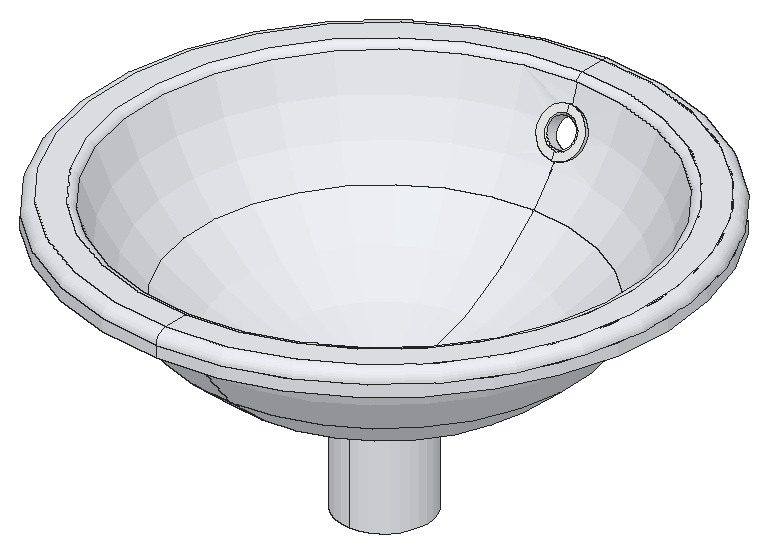
Revit family "Basin-UnderOver Counter-Caroma Cosmo", category Plumbing Fixtures, host Face, Revit 2014
Parameters (values of type "Cosmo Under/Over Counter")
  Width_ANZRS = 400 mm  # constant formula
  WasteOutlet_ANZRS = 0
  Waste Radius [instance] = 30 mm
  Waste Connection = yes
  Waste = Metal-Chrome-Caroma
  WFU = 2
  Vent Connection = no
  Undermount Offset [instance] = 0 mm
  URL = "http://www.caroma.com.au"
  Type Comments = "Overflow available only, Includes flush fitting white plug and waste"  # constant formula
  ModifiedIssue_ANZRS = 20140915.01  # constant formula
  Model = "895005W"  # constant formula
  Material_ANZRS = Porcelain-White-Caroma
  Manufacturer = "GWA Bathrooms & Kitchens"  # constant formula
  Length_ANZRS = 400 mm  # constant formula
  Keynote = "WB"
  HW Connection = no
  Description = "Caroma Cosmo Under/Over Counter Basin"  # constant formula
  Depth_ANZRS = 167 mm  # constant formula
  Default Elevation = 0 mm
  CreatedBy_ANZRS = "Design Content"  # constant formula
  CreatedByURL_ANZRS = "http://www.designcontent.com.au"
  Cost = 0
  CW Connection = no
  Assembly Code = "D2010310"
  Above Mount [instance] = yes
Reference planes
  plane 1 "Center (Front/Back)": y = 0
  plane 2: z = 0
  plane 3 "Center (Left/Right)": x = 0
  plane 4 "Back": y = 200
  plane 5 "Front": y = -200
  plane 6 "Left": x = -200
  plane 7 "Right": x = 200
  plane 8 "Waste": y = 0
  plane 9 "Waste Connector": z = -151
  plane 10 "Top": z = 16
  plane 11 "Offset Plane": z = 16
Forms (mm)
  Revolve 1, solid, material "Porcelain-White-Caroma" <- "Material_ANZRS"
    sketch origin (0, 16.97, -54.858) x (0, 1, 0) y (0, 0, 1)
      loop
        line (-43.971, -126.142) -> (-43.971, -60.84) -> (-47.456, -60.84) -> (-47.456, -126.142) -> (-43.971, -126.142)
      axis (-16.97, -126.142) -> (-16.97, -60.84)
    angle from 0 to 360
  Extrusion 2, void
    sketch origin (-27.001, -4572, -151) x (0, -1, 0) y (-1, 0, 0)
      loop
        circle (-4572, -27.001) r 30
    from 30 to 0
  Extrusion 3, void
    sketch origin (0, 0, 0) x (1, 0, 0) y (0, 1, 0)
      loop
        circle (0, 0) r 190
    from 16 to -151
  Extrusion 4, void
    sketch origin (0, 0, 0) x (1, 0, 0) y (0, 1, 0)
      loop
        circle (0, 0) r 190
    from 16 to -151
  Revolve 5, solid, material "Porcelain-White-Caroma" <- "Material_ANZRS"
    sketch origin (0, 0, 0) x (0, 1, 0) y (0, 0, 1)
      loop
        arc (174.684, 16) -> (171.113, 14.822) -> (168.945, 11.751) r 6
        arc (168.945, 11.751) -> (153.806, -22.428) -> (130.924, -51.987) r 154.993
        arc (130.924, -51.987) -> (87.516, -84.368) -> (36.467, -102.447) r 180.879
        arc (36.467, -102.447) -> (35.069, -102.94) -> (33.877, -103.821) r 5
        line (33.877, -103.821) -> (22, -115.698) -> (30.485, -115.698) -> (37.903, -108.281)
        arc (37.903, -108.281) -> (90.478, -89.588) -> (135.191, -56.206) r 186.879
        arc (135.191, -56.206) -> (156.178, -29.994) -> (171.271, 0) r 160.993
        line (171.271, 0) -> (200, 0) -> (200, 8)
        arc (200, 8) -> (197.657, 13.657) -> (192, 16) r 8
        line (192, 16) -> (174.684, 16)
      axis (0, 16) -> (0, -115.698)
    angle from 0 to 360
  Revolve 6, solid, material "Metal-Chrome-Caroma" <- "Waste", detail levels fine
    sketch origin (0, 0, 0) x (0, 1, 0) y (0, 0, 1)
      loop
        line (169.664, -8.703) -> (162.323, -4.634) -> (164.657, -0.423) -> (163.046, 0.471) -> (160.346, -4.4)
        arc (160.346, -4.4) -> (160.283, -4.949) -> (160.627, -5.381) r 0.721
        line (160.627, -5.381) -> (168.949, -9.994) -> (169.664, -8.703)
      axis (164.113, -18.717) -> (155.16, -13.755)
    angle from 0 to 360
  Revolve 7, void
    sketch origin (0, 0, 0) x (0, 1, 0) y (0, 0, 1)
      loop
        line (169.664, -8.703) -> (160.712, -3.74) -> (155.16, -13.755) -> (164.113, -18.717) -> (169.664, -8.703)
      axis (164.113, -18.717) -> (155.16, -13.755)
    angle from 0 to 360
  Revolve 8, solid, material "Metal-Chrome-Caroma" <- "Waste", detail levels fine
    sketch origin (0, 0, 0) x (0, 1, 0) y (0, 0, 1)
      loop
        line (0, -114.707) -> (14.272, -114.707) -> (22.823, -109.967) -> (22.823, -106.906) -> (29.599, -106.906)
        arc (29.599, -106.906) -> (29.914, -106.695) -> (29.84, -106.323) r 0.341
        line (29.84, -106.323) -> (28.84, -105.323) -> (22.93, -105.323) -> (21.823, -106.431) -> (21.823, -109.378) -> (18.72, -111.098)
        arc (18.72, -111.098) -> (18.744, -110.616) -> (18.534, -110.181) r 0.979
        line (18.534, -110.181) -> (17.166, -108.55)
        arc (17.166, -108.55) -> (8.604, -107.64) -> (0, -107.336) r 121.986
        line (0, -107.336) -> (0, -114.707)
      axis (0, -105.323) -> (0, -114.707)
    angle from 0 to 360
Cuts and joins
  Revolve 7 cuts Revolve 5
Lines and regions (mm)
  Masking region 1, visible <- "Above Mount"
    outline origin (0, 0, 0) x (0, 1, 0) y (0, 0, 1)
      loop
        line (-200, 0) -> (200, 0) -> (200, 8)
        arc (200, 8) -> (197.657, 13.657) -> (192, 16) r 8
        line (192, 16) -> (-192, 16)
        arc (-192, 16) -> (-197.657, 13.657) -> (-200, 8) r 8
        line (-200, 8) -> (-200, 0)
  Masking region 2, visible <- "Above Mount"
    outline origin (0, 0, 0) x (1, 0, 0) y (0, 0, 1)
      loop
        line (200, 0) -> (200, 8)
        arc (200, 8) -> (197.657, 13.657) -> (192, 16) r 8
        line (192, 16) -> (-192, 16)
        arc (-192, 16) -> (-197.657, 13.657) -> (-200, 8) r 8
        line (-200, 8) -> (-200, 0) -> (200, 0)
  Masking region 3
    outline origin (0, 0, 0) x (1, 0, 0) y (0, 1, 0)
      loop
        circle (0, 0) r 168.949
  symbolic lines, style "Basins/Sinks/Tubs"
    curve 1: circle (0, 0, 0) r 33.824 normal (0, 0, 1)
    curve 2: circle (0, 0, 0) r 23.001 normal (0, 0, 1)
    curve 5: circle (0, 0, 0) r 168.949 normal (0, 0, 1)
    curve 6: spline (-10, 155, 0) -> (-9.659, 153.706, 0) -> (-8.66, 152.5, 0) -> (-7.071, 151.464, 0) -> (-5, 150.67, 0) -> (-2.588, 150.17, 0) -> (0, 150, 0) -> (2.588, 150.17, 0) -> (5, 150.67, 0) -> (7.071, 151.464, 0) -> (8.66, 152.5, 0) -> (9.659, 153.706, 0) -> (10, 155, 0) -> (9.659, 156.294, 0) -> (8.66, 157.5, 0) -> (7.071, 158.536, 0) -> (5, 159.33, 0) -> (2.588, 159.83, 0) -> (0, 160, 0) -> (-2.588, 159.83, 0) -> (-5, 159.33, 0) -> (-7.071, 158.536, 0) -> (-8.66, 157.5, 0) -> (-9.659, 156.294, 0) -> (-10, 155, 0)
  symbolic lines, style "PlumbingFixturesHiddenLines"
    curve 3: arc (-171.271, 0, 0) -> (0, 0, -112.165) -> (171.271, 0, 0) r 186.844
    curve 4: arc (0, 171.271, 0) -> (0, 0, -112.165) -> (0, -171.271, 0) r 186.844
Dimensions and locks
  equal spacing: plane 6 "Left", plane 3 "Center (Left/Right)", plane 7 "Right"
  "Length_ANZRS": plane 6 "Left" to plane 7 "Right"
  equal spacing: plane 4 "Back", plane 1 "Center (Front/Back)", plane 5 "Front"
  "Width_ANZRS": plane 5 "Front" to plane 4 "Back"
  locked: plane 4 "Back" to plane 8 "Waste" at 200
  "Depth_ANZRS": plane 10 "Top" to plane 9 "Waste Connector"
  locked: plane 11 "Offset Plane" to level at 16
  "Undermount Offset": plane 11 "Offset Plane" to plane 10 "Top"
  Revolve 5 sketch curve to plane 10 "Top" to Revolve 5 sketch curve to Revolve 5 sketch curve to Revolve 5 sketch curve to Revolve 5 sketch curve to Revolve 5 sketch curve to Revolve 5 sketch curve to Revolve 5 sketch curve to Revolve 5 sketch curve to Revolve 5 sketch curve = 0 mm locked, 4.249 mm locked, 3.751 mm locked, 8 mm locked, 51.987 mm locked, 4.218 mm locked, 46.242 mm locked, 1.374 mm locked, 4.459 mm locked, 7.417 mm locked
  plane 10 "Top" to Revolve 6 sketch curve to Revolve 6 sketch curve to Revolve 6 sketch curve to Revolve 6 sketch curve to Revolve 6 sketch curve to Revolve 6 sketch curve to Revolve 6 sketch curve to Revolve 6 sketch curve to Revolve 6 sketch curve = 15.529 mm locked, 0.893 mm locked, 3.978 mm locked, 0.233 mm locked, 0.747 mm locked, 3.322 mm locked, 1.291 mm locked, 3.761 mm locked, 4.963 mm locked
  plane 10 "Top" to Revolve 7 sketch curve to Revolve 7 sketch curve to Revolve 7 sketch curve to Revolve 7 sketch curve to Revolve 7 sketch curve to Revolve 7 sketch curve = 19.74 mm locked, 4.963 mm locked, 3.39 mm locked, 1.662 mm locked, 4.963 mm locked, 0.826 mm locked
  Revolve 1 sketch curve to plane 9 "Waste Connector" to Revolve 1 sketch curve = 35.302 mm locked, 30 mm locked
  locked: plane 11 "Offset Plane" to Masking region 1 sketch curve at 16
  locked: plane 11 "Offset Plane" to Masking region 2 sketch curve at 16
  plane 10 "Top" to curve 4 to curve 4 to curve 4 = 16 mm locked, 0 mm locked, 112.165 mm locked
  plane 10 "Top" to curve 3 to curve 3 to curve 3 = 16 mm locked, 0 mm locked, 112.165 mm locked
  aligned and locked: plane 2 to host face
  aligned and locked: level to host face
  aligned and locked: Extrusion 3 to plane 9 "Waste Connector"
  aligned and locked: plane 11 "Offset Plane" to Extrusion 3
  aligned and locked: Extrusion 4 to plane 9 "Waste Connector"
  aligned and locked: plane 10 "Top" to Extrusion 4
  aligned and locked: Masking region 1 sketch curve to plane 11 "Offset Plane"
  aligned and locked: Masking region 2 sketch curve to plane 11 "Offset Plane"
Automatic sketch dimensions
  host sketch curve to host sketch curve = 2438.4 mm  (x2)
  plane 1 "Center (Front/Back)" to Extrusion 3 sketch curve = 0 mm
  Extrusion 3 sketch curve to plane 3 "Center (Left/Right)" = 0 mm
  plane 1 "Center (Front/Back)" to Extrusion 4 sketch curve = 0 mm
  Extrusion 4 sketch curve to plane 3 "Center (Left/Right)" = 0 mm
  plane 1 "Center (Front/Back)" to Extrusion 2 sketch curve = 0 mm
  Extrusion 2 sketch curve to plane 3 "Center (Left/Right)" = 0 mm
  Revolve 5 sketch curve to Revolve 5 sketch curve = 0 mm  (x7)
  Revolve 5 sketch curve to plane 1 "Center (Front/Back)" = 0 mm
  Revolve 5 sketch curve to plane 4 "Back" = 0 mm
  Revolve 5 sketch curve to plane 1 "Center (Front/Back)" = 2.287 mm
  Revolve 5 sketch curve to Revolve 5 sketch curve = 8.485 mm
  Revolve 5 sketch curve to Revolve 5 sketch curve = 3.391 mm
  Revolve 5 sketch curve to Revolve 5 sketch curve = 3.536 mm  (x2)
  Revolve 5 sketch curve to Revolve 5 sketch curve = 3.413 mm
  Revolve 5 sketch curve to Revolve 5 sketch curve = 6 mm
  Revolve 5 sketch curve to Revolve 5 sketch curve = 0.491 mm
  plane 9 "Waste Connector" to Revolve 5 sketch curve = 18.371 mm
  plane 10 "Top" to Revolve 5 sketch curve = 11.371 mm
  Revolve 6 sketch curve to plane 4 "Back" = 39.654 mm
  Revolve 6 sketch curve to Revolve 6 sketch curve = 0.281 mm
  Revolve 6 sketch curve to Revolve 6 sketch curve = 0.35 mm
  Revolve 6 sketch curve to Revolve 6 sketch curve = 5.466 mm
  Revolve 6 sketch curve to Revolve 6 sketch curve = 4.836 mm
  Revolve 7 sketch curve to plane 4 "Back" = 44.84 mm
  Revolve 7 sketch curve to Revolve 7 sketch curve = 5.551 mm
  Revolve 7 sketch curve to Revolve 7 sketch curve = 2.998 mm
  Revolve 7 sketch curve to Revolve 7 sketch curve = 1.489 mm
  Revolve 1 sketch curve to plane 1 "Center (Front/Back)" = 0 mm
  plane 1 "Center (Front/Back)" to Revolve 1 sketch curve = 27.001 mm
  Revolve 1 sketch curve to Revolve 1 sketch curve = 3.484 mm
  Revolve 1 sketch curve to plane 9 "Waste Connector" = 20.852 mm
  Revolve 1 sketch curve to level = 31.098 mm
  Revolve 8 sketch curve to plane 1 "Center (Front/Back)" = 0 mm  (x2)
  Revolve 8 sketch curve to Revolve 8 sketch curve = 14.272 mm
  Revolve 8 sketch curve to Revolve 8 sketch curve = 2.894 mm
  Revolve 8 sketch curve to Revolve 8 sketch curve = 0.618 mm
  Revolve 8 sketch curve to Revolve 8 sketch curve = 0.75 mm
  Revolve 8 sketch curve to Revolve 8 sketch curve = 0.185 mm
  Revolve 8 sketch curve to Revolve 8 sketch curve = 3.288 mm
  Revolve 8 sketch curve to Revolve 8 sketch curve = 1 mm  (x2)
  Revolve 8 sketch curve to Revolve 8 sketch curve = 1.108 mm
  Revolve 8 sketch curve to Revolve 8 sketch curve = 5.91 mm
  Revolve 8 sketch curve to Revolve 8 sketch curve = 0.758 mm
  Revolve 8 sketch curve to Revolve 8 sketch curve = 0.241 mm
  Revolve 8 sketch curve to plane 9 "Waste Connector" = 78.322 mm
  plane 9 "Waste Connector" to Revolve 8 sketch curve = 36.293 mm
  Revolve 8 sketch curve to Revolve 8 sketch curve = 3.609 mm
  Revolve 8 sketch curve to Revolve 8 sketch curve = 0.288 mm
  Revolve 8 sketch curve to Revolve 8 sketch curve = 1.131 mm
  Revolve 8 sketch curve to Revolve 8 sketch curve = 0.589 mm
  Revolve 8 sketch curve to Revolve 8 sketch curve = 1.63 mm
  Revolve 8 sketch curve to Revolve 8 sketch curve = 2.473 mm
  Revolve 8 sketch curve to Revolve 8 sketch curve = 0.341 mm
  Revolve 8 sketch curve to Revolve 8 sketch curve = 0.475 mm
  Revolve 8 sketch curve to Revolve 8 sketch curve = 6.768 mm
  Revolve 8 sketch curve to Revolve 8 sketch curve = 2.502 mm
  Masking region 1 sketch curve to plane 5 "Front" = 0 mm
  Masking region 1 sketch curve to plane 4 "Back" = 0 mm
  Masking region 1 sketch curve to plane 5 "Front" = 8 mm
  Masking region 1 sketch curve to plane 4 "Back" = 8 mm
  plane 6 "Left" to Masking region 2 sketch curve = 0 mm
  Masking region 2 sketch curve to plane 7 "Right" = 0 mm
  Masking region 2 sketch curve to plane 6 "Left" = 8 mm
  Masking region 2 sketch curve to plane 7 "Right" = 8 mm
  curve 3 to plane 3 "Center (Left/Right)" = 0 mm
  curve 3 to plane 6 "Left" = 28.729 mm
  curve 4 to plane 1 "Center (Front/Back)" = 0 mm
  curve 4 to plane 5 "Front" = 28.729 mm
  curve 1 to curve 2 = 0 mm  (x2)
  curve 1 to curve 5 = 0 mm  (x2)
  curve 2 to curve 5 = 0 mm  (x2)
  plane 1 "Center (Front/Back)" to curve 5 = 0 mm
  curve 5 to plane 3 "Center (Left/Right)" = 0 mm
  curve 6 to plane 3 "Center (Left/Right)" = 0 mm
  curve 6 to curve 6 = 10 mm
  curve 6 to plane 4 "Back" = 45 mm
  plane 1 "Center (Front/Back)" to Masking region 3 sketch curve = 0 mm
  Masking region 3 sketch curve to plane 3 "Center (Left/Right)" = 0 mm
  radius of Extrusion 3 sketch curve = 190 mm
  radius of Extrusion 4 sketch curve = 190 mm
  radius of Extrusion 2 sketch curve = 30 mm
  radius of curve 1 = 33.824 mm
  radius of curve 2 = 23.001 mm
  radius of curve 5 = 168.949 mm
  radius of Masking region 3 sketch curve = 168.949 mm
Connectors
  piping at (0, 0, -181), diameter 60, driven by "WFU", driven by "Waste Radius", driven by "WasteOutlet_ANZRS"
    settings: on Revolve 1, index 1, connector inside diameter 24", connector length 0 mm, flow factor 0, pipe flow 0 GPM, pressure drop 0.00 psi, fitting loss kfactor 0, connector angle 0.00°, fixture units 2, engagement length 0 mm, angle of deflection 0.00°, flow configuration 3, flow direction 2, fitting loss method 2, system type 16, joint type 0, gender type 0, connector reference index -1, connector utility 0, adjustable connector no, is connector primary yes, connector description "Outlet"
